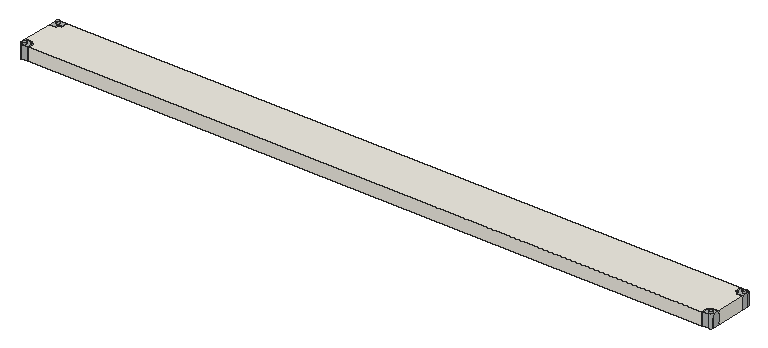
Revit family "HIGHTECH", category Осветительные приборы, Revit 2019 (continued)
Types (32, lengths in mm): name | Файл фотометрической сетки | built-in parameter 1150105 | Lumens | built-in parameter 1150106 | built-in parameter 1150142 | Wattage | Emit from Rectangle Width | Emit from Rectangle Length | Длина | Ширина | ADSK_Ток | ADSK_Полная мощность | ADSK_Обозначение | ADSK_Номинальная мощность | ADSK_Наименование | ADSK_Масса | ADSK_Код изделия
  Hightech-38/opal-sand 595х595 (IP40, 4000К, белый) | "Светильник HIGHTECH-38 OPAL-SAND-(595x595).IES" | 302.39 (stored number, unit not read) | 3800 lm | 3.0239 (stored number, unit not read) | "IESNA:LM-63-95\r\n[TEST] Протокол № 50-13\r\n[DATA] 17.06.2016\r\n[MORE] \r\n[MANUFAC] ЗАО \"Центрстройсвет\"\r\n[LUMCAT]  Светильник HIGHTECH-38/OPAL-SAND-(595x595)\r\n[LUMINAIRE]\r\n[LAMPCAT] Светодиоды\r\n[LAMP] Поток источника света (светодиодов) не известен\r\n[MORE] КСС приведена в абсолютных величинах кд\r\n[MORE] Вместо потока лампы, указан поток светильника.\r\nTILT=NONE\r\n1    3750 1.0 37 73 1 2 0.595 0.595 0.04\r\n1.0 1.0 38.7\r\n0.0 5.0 10.0 15.0 20.0 25.0 30.0 35.0 40.0 45.0 50.0 55.0 60.0 65.0 70.0 75.0 80.0 85.0 90.0 95.0 100.0 105.0 110.0 115.0 120.0 125.0 130.0 135.0 140.0 145.0 150.0 155.0 160.0 165.0 170.0 175.0 180.0\r\n0.0 5.0 10.0 15.0 20.0 25.0 30.0 35.0 40.0 45.0 50.0 55.0 60.0 65.0 70.0 75.0 80.0 85.0 90.0 95.0 100.0 105.0 110.0 115.0 120.0 125.0 130.0 135.0 140.0 145.0 150.0 155.0 160.0 165.0 170.0 175.0 180.0 185.0 190.0 195.0 200.0 205.0 210.0 215.0 220.0 225.0 230.0 235.0 240.0 245.0 250.0 255.0 260.0 265.0 270.0 275.0 280.0 285.0 290.0 295.0 300.0 305.0 310.0 315.0 320.0 325.0 330.0 335.0 340.0 345.0 350.0 355.0 360.0\r\n1391.4 1390.6 1365.7 1330.6 1277.5 1214.9 1147.5 1059.6 967.6 873.2 772.4 664.9 556.3 449.1 342.7 240.6 147.1 64.2 4.7 0.0 0.0 0.0 0.0 0.0 0.0 0.0 0.0 0.0 0.0 0.0 0.0 0.0 0.0 0.0 0.0 0.0 0.0\r\n1391.4 1390.5 1367.8 1332.7 1284.3 1221.3 1147.0 1062.1 969.2 872.4 773.2 666.3 557.1 450.1 343.8 241.9 146.9 64.7 5.2 0.0 0.0 0.0 0.0 0.0 0.0 0.0 0.0 0.0 0.0 0.0 0.0 0.0 0.0 0.0 0.0 0.0 0.0\r\n1391.4 1390.2 1372.0 1333.3 1277.3 1216.8 1144.5 1057.4 969.6 875.1 773.8 669.5 560.0 454.6 345.8 242.4 148.5 65.8 5.4 0.0 0.0 0.0 0.0 0.0 0.0 0.0 0.0 0.0 0.0 0.0 0.0 0.0 0.0 0.0 0.0 0.0 0.0\r\n1391.4 1389.8 1371.2 1330.7 1279.5 1220.5 1148.3 1059.9 967.7 873.2 767.5 666.8 561.4 453.0 347.1 243.7 149.9 65.6 5.8 0.0 0.0 0.0 0.0 0.0 0.0 0.0 0.0 0.0 0.0 0.0 0.0 0.0 0.0 0.0 0.0 0.0 0.0\r\n1391.4 1389.8 1368.3 1329.3 1285.0 1214.6 1141.1 1058.7 971.8 871.3 775.2 666.9 559.4 452.6 345.8 242.5 150.0 65.8 6.1 0.0 0.0 0.0 0.0 0.0 0.0 0.0 0.0 0.0 0.0 0.0 0.0 0.0 0.0 0.0 0.0 0.0 0.0\r\n1391.4 1390.5 1367.3 1332.3 1281.7 1219.0 1142.8 1064.6 970.5 874.4 772.1 667.5 560.2 453.0 346.2 241.8 149.4 65.7 5.6 0.0 0.0 0.0 0.0 0.0 0.0 0.0 0.0 0.0 0.0 0.0 0.0 0.0 0.0 0.0 0.0 0.0 0.0\r\n1391.4 1391.4 1368.1 1333.5 1277.3 1215.7 1139.0 1059.6 968.1 872.4 771.6 667.4 558.8 453.3 344.3 243.9 148.4 65.7 5.4 0.0 0.0 0.0 0.0 0.0 0.0 0.0 0.0 0.0 0.0 0.0 0.0 0.0 0.0 0.0 0.0 0.0 0.0\r\n1391.4 1391.7 1368.1 1330.4 1278.2 1213.9 1142.4 1061.6 967.4 875.1 772.0 669.3 561.1 452.5 345.2 242.1 148.3 65.4 5.5 0.0 0.0 0.0 0.0 0.0 0.0 0.0 0.0 0.0 0.0 0.0 0.0 0.0 0.0 0.0 0.0 0.0 0.0\r\n1391.4 1391.5 1371.0 1328.4 1278.5 1216.7 1142.1 1061.2 971.8 874.7 772.1 668.9 560.8 452.9 345.4 243.3 147.7 66.0 5.4 0.0 0.0 0.0 0.0 0.0 0.0 0.0 0.0 0.0 0.0 0.0 0.0 0.0 0.0 0.0 0.0 0.0 0.0\r\n1391.4 1391.5 1373.2 1330.5 1277.3 1215.5 1143.2 1063.6 967.0 872.7 772.2 669.4 558.9 453.2 346.6 241.9 148.1 65.2 5.5 0.0 0.0 0.0 0.0 0.0 0.0 0.0 0.0 0.0 0.0 0.0 0.0 0.0 0.0 0.0 0.0 0.0 0.0\r\n1391.4 1391.4 1369.7 1328.3 1281.3 1216.0 1139.8 1057.9 968.7 875.3 773.9 667.6 561.8 454.0 344.0 243.1 147.2 65.6 5.5 0.0 0.0 0.0 0.0 0.0 0.0 0.0 0.0 0.0 0.0 0.0 0.0 0.0 0.0 0.0 0.0 0.0 0.0\r\n1391.4 1390.5 1367.9 1330.1 1278.1 1218.1 1138.9 1061.0 970.0 871.8 770.4 669.3 560.2 453.4 346.9 242.1 148.3 65.2 5.2 0.0 0.0 0.0 0.0 0.0 0.0 0.0 0.0 0.0 0.0 0.0 0.0 0.0 0.0 0.0 0.0 0.0 0.0\r\n1391.4 1389.3 1368.2 1329.1 1280.8 1214.4 1142.5 1059.2 967.2 874.3 772.4 668.0 563.1 452.3 345.7 242.8 146.8 64.9 5.1 0.0 0.0 0.0 0.0 0.0 0.0 0.0 0.0 0.0 0.0 0.0 0.0 0.0 0.0 0.0 0.0 0.0 0.0\r\n1391.4 1388.6 1367.4 1327.8 1278.0 1215.7 1141.0 1061.0 971.5 877.3 771.2 667.3 561.5 453.0 346.4 242.4 146.3 64.8 5.2 0.0 0.0 0.0 0.0 0.0 0.0 0.0 0.0 0.0 0.0 0.0 0.0 0.0 0.0 0.0 0.0 0.0 0.0\r\n1391.4 1388.0 1367.6 1326.7 1278.3 1218.0 1140.9 1061.5 968.4 873.4 770.1 666.6 562.1 454.6 344.8 241.8 146.4 64.0 5.5 0.0 0.0 0.0 0.0 0.0 0.0 0.0 0.0 0.0 0.0 0.0 0.0 0.0 0.0 0.0 0.0 0.0 0.0\r\n1391.4 1387.2 1366.1 1331.0 1281.4 1216.3 1142.7 1059.1 969.4 871.5 772.2 667.3 560.5 453.0 344.4 242.2 146.4 63.8 5.6 0.0 0.0 0.0 0.0 0.0 0.0 0.0 0.0 0.0 0.0 0.0 0.0 0.0 0.0 0.0 0.0 0.0 0.0\r\n1391.4 1387.1 1366.3 1328.7 1276.9 1214.5 1141.2 1059.3 968.4 874.3 775.5 668.3 562.5 454.9 346.4 241.3 146.2 63.5 5.7 0.0 0.0 0.0 0.0 0.0 0.0 0.0 0.0 0.0 0.0 0.0 0.0 0.0 0.0 0.0 0.0 0.0 0.0\r\n1391.4 1388.4 1366.0 1329.7 1279.2 1217.9 1140.0 1060.5 969.0 873.9 772.0 671.3 560.4 453.2 343.7 241.7 145.8 63.7 5.4 0.0 0.0 0.0 0.0 0.0 0.0 0.0 0.0 0.0 0.0 0.0 0.0 0.0 0.0 0.0 0.0 0.0 0.0\r\n1391.4 1389.6 1367.7 1329.3 1277.2 1211.1 1140.1 1061.0 971.0 871.2 769.2 669.1 561.5 453.1 343.3 241.9 145.8 63.4 5.2 0.0 0.0 0.0 0.0 0.0 0.0 0.0 0.0 0.0 0.0 0.0 0.0 0.0 0.0 0.0 0.0 0.0 0.0\r\n1391.4 1388.8 1366.9 1327.1 1279.4 1214.2 1142.5 1056.4 970.7 870.3 771.0 665.1 560.4 453.3 343.8 241.1 145.7 63.4 5.2 0.0 0.0 0.0 0.0 0.0 0.0 0.0 0.0 0.0 0.0 0.0 0.0 0.0 0.0 0.0 0.0 0.0 0.0\r\n1391.4 1387.2 1365.8 1328.9 1276.6 1210.2 1141.4 1059.3 966.6 871.4 770.5 667.4 559.2 451.4 344.2 241.0 145.6 63.2 5.1 0.0 0.0 0.0 0.0 0.0 0.0 0.0 0.0 0.0 0.0 0.0 0.0 0.0 0.0 0.0 0.0 0.0 0.0\r\n1391.4 1386.8 1364.4 1329.8 1279.4 1213.7 1144.0 1059.0 965.3 873.7 768.8 668.9 559.4 449.5 342.6 241.5 144.6 63.4 5.0 0.0 0.0 0.0 0.0 0.0 0.0 0.0 0.0 0.0 0.0 0.0 0.0 0.0 0.0 0.0 0.0 0.0 0.0\r\n1391.4 1388.1 1365.8 1328.1 1273.8 1213.4 1137.9 1059.2 967.3 869.2 769.3 667.7 558.4 451.4 344.0 240.6 145.7 63.4 4.9 0.0 0.0 0.0 0.0 0.0 0.0 0.0 0.0 0.0 0.0 0.0 0.0 0.0 0.0 0.0 0.0 0.0 0.0\r\n1391.4 1389.2 1364.4 1323.2 1276.3 1213.8 1137.6 1055.3 963.1 871.0 767.7 664.1 559.7 447.1 342.4 240.1 145.2 63.9 5.1 0.0 0.0 0.0 0.0 0.0 0.0 0.0 0.0 0.0 0.0 0.0 0.0 0.0 0.0 0.0 0.0 0.0 0.0\r\n1391.4 1388.4 1362.3 1326.8 1274.4 1212.2 1137.9 1054.7 966.7 867.9 768.7 663.4 557.3 449.2 343.3 240.0 145.7 63.6 5.0 0.0 0.0 0.0 0.0 0.0 0.0 0.0 0.0 0.0 0.0 0.0 0.0 0.0 0.0 0.0 0.0 0.0 0.0\r\n1391.4 1386.2 1361.8 1326.5 1273.3 1211.2 1134.5 1048.6 964.3 866.3 767.8 662.9 556.7 449.5 341.9 239.8 145.7 63.7 5.0 0.0 0.0 0.0 0.0 0.0 0.0 0.0 0.0 0.0 0.0 0.0 0.0 0.0 0.0 0.0 0.0 0.0 0.0\r\n1391.4 1384.4 1363.5 1324.4 1272.0 1209.5 1137.2 1053.0 960.2 867.5 767.9 662.7 556.7 449.2 342.5 239.1 146.2 63.8 4.8 0.0 0.0 0.0 0.0 0.0 0.0 0.0 0.0 0.0 0.0 0.0 0.0 0.0 0.0 0.0 0.0 0.0 0.0\r\n1391.4 1383.7 1362.4 1324.4 1274.0 1209.5 1134.4 1050.1 965.4 864.9 764.6 662.3 556.6 447.9 340.5 240.3 145.5 64.6 4.6 0.0 0.0 0.0 0.0 0.0 0.0 0.0 0.0 0.0 0.0 0.0 0.0 0.0 0.0 0.0 0.0 0.0 0.0\r\n1391.4 1384.4 1361.9 1326.9 1270.2 1207.3 1132.7 1050.1 959.7 867.7 763.1 662.2 555.0 447.3 343.0 238.3 145.8 63.9 4.7 0.0 0.0 0.0 0.0 0.0 0.0 0.0 0.0 0.0 0.0 0.0 0.0 0.0 0.0 0.0 0.0 0.0 0.0\r\n1391.4 1385.1 1363.0 1320.0 1270.4 1207.9 1134.4 1055.0 963.5 867.3 766.7 660.7 555.9 450.1 342.6 240.2 145.9 64.3 4.9 0.0 0.0 0.0 0.0 0.0 0.0 0.0 0.0 0.0 0.0 0.0 0.0 0.0 0.0 0.0 0.0 0.0 0.0\r\n1391.4 1384.9 1362.3 1321.4 1273.1 1208.0 1135.4 1052.3 961.9 865.0 764.0 660.8 553.5 447.6 341.2 240.3 146.1 63.8 4.8 0.0 0.0 0.0 0.0 0.0 0.0 0.0 0.0 0.0 0.0 0.0 0.0 0.0 0.0 0.0 0.0 0.0 0.0\r\n1391.4 1383.8 1361.2 1322.1 1265.1 1211.5 1132.8 1049.3 961.3 863.4 764.0 661.0 550.7 447.9 341.0 240.1 146.2 63.8 4.6 0.0 0.0 0.0 0.0 0.0 0.0 0.0 0.0 0.0 0.0 0.0 0.0 0.0 0.0 0.0 0.0 0.0 0.0\r\n1391.4 1382.8 1359.3 1321.5 1269.3 1206.8 1132.8 1051.1 958.3 863.2 763.1 662.7 553.4 448.0 340.4 240.0 145.8 63.8 4.0 0.0 0.0 0.0 0.0 0.0 0.0 0.0 0.0 0.0 0.0 0.0 0.0 0.0 0.0 0.0 0.0 0.0 0.0\r\n1391.4 1382.6 1359.0 1319.6 1268.1 1204.3 1129.8 1049.0 957.7 861.8 761.7 658.4 554.2 446.1 340.4 239.0 145.6 63.8 3.8 0.0 0.0 0.0 0.0 0.0 0.0 0.0 0.0 0.0 0.0 0.0 0.0 0.0 0.0 0.0 0.0 0.0 0.0\r\n1391.4 1382.8 1358.5 1315.8 1266.5 1202.1 1128.5 1049.2 957.6 860.0 762.1 658.2 549.9 443.8 339.6 238.4 145.7 63.6 3.7 0.0 0.0 0.0 0.0 0.0 0.0 0.0 0.0 0.0 0.0 0.0 0.0 0.0 0.0 0.0 0.0 0.0 0.0\r\n1391.4 1382.2 1360.5 1319.2 1265.9 1204.5 1129.9 1046.9 955.0 862.9 758.9 657.9 552.5 444.9 338.9 238.8 145.3 63.6 3.3 0.0 0.0 0.0 0.0 0.0 0.0 0.0 0.0 0.0 0.0 0.0 0.0 0.0 0.0 0.0 0.0 0.0 0.0\r\n1391.4 1381.1 1361.2 1321.0 1268.1 1203.8 1128.8 1047.4 955.6 863.7 761.1 656.4 551.5 445.2 339.2 238.5 144.7 62.5 3.5 0.0 0.0 0.0 0.0 0.0 0.0 0.0 0.0 0.0 0.0 0.0 0.0 0.0 0.0 0.0 0.0 0.0 0.0\r\n1391.4 1380.6 1359.0 1316.4 1268.5 1204.0 1126.1 1049.5 956.2 859.6 759.7 656.5 549.2 444.3 338.4 236.1 143.8 61.6 3.2 0.0 0.0 0.0 0.0 0.0 0.0 0.0 0.0 0.0 0.0 0.0 0.0 0.0 0.0 0.0 0.0 0.0 0.0\r\n1391.4 1380.7 1356.6 1316.0 1267.0 1205.6 1130.3 1044.8 956.9 856.7 759.3 653.5 548.1 441.9 335.3 235.4 141.4 60.3 2.9 0.0 0.0 0.0 0.0 0.0 0.0 0.0 0.0 0.0 0.0 0.0 0.0 0.0 0.0 0.0 0.0 0.0 0.0\r\n1391.4 1380.4 1354.4 1317.9 1268.8 1199.0 1129.0 1044.0 956.9 860.6 758.3 656.9 549.1 442.0 334.4 236.1 141.7 60.5 2.6 0.0 0.0 0.0 0.0 0.0 0.0 0.0 0.0 0.0 0.0 0.0 0.0 0.0 0.0 0.0 0.0 0.0 0.0\r\n1391.4 1380.1 1356.7 1322.1 1264.6 1201.7 1129.9 1047.4 957.2 859.7 758.2 656.1 549.4 442.8 335.3 235.8 141.3 60.6 2.3 0.0 0.0 0.0 0.0 0.0 0.0 0.0 0.0 0.0 0.0 0.0 0.0 0.0 0.0 0.0 0.0 0.0 0.0\r\n1391.4 1379.9 1357.3 1317.5 1265.9 1207.8 1129.2 1046.5 955.7 860.2 758.6 656.9 550.7 441.9 335.4 233.9 140.6 60.2 2.4 0.0 0.0 0.0 0.0 0.0 0.0 0.0 0.0 0.0 0.0 0.0 0.0 0.0 0.0 0.0 0.0 0.0 0.0\r\n1391.4 1379.2 1355.5 1314.6 1269.3 1203.7 1133.5 1044.8 957.2 857.9 762.0 656.6 548.7 440.4 335.9 234.5 140.4 59.8 2.8 0.0 0.0 0.0 0.0 0.0 0.0 0.0 0.0 0.0 0.0 0.0 0.0 0.0 0.0 0.0 0.0 0.0 0.0\r\n1391.4 1377.9 1357.1 1319.2 1271.9 1204.4 1128.6 1050.2 953.1 856.9 757.6 653.7 548.9 439.9 335.4 232.4 140.5 59.2 3.0 0.0 0.0 0.0 0.0 0.0 0.0 0.0 0.0 0.0 0.0 0.0 0.0 0.0 0.0 0.0 0.0 0.0 0.0\r\n1391.4 1377.2 1356.3 1322.9 1266.0 1204.8 1132.2 1049.0 958.1 859.3 759.0 654.6 547.0 441.6 334.9 232.1 139.3 58.8 2.9 0.0 0.0 0.0 0.0 0.0 0.0 0.0 0.0 0.0 0.0 0.0 0.0 0.0 0.0 0.0 0.0 0.0 0.0\r\n1391.4 1377.8 1353.8 1319.7 1269.6 1207.9 1135.8 1049.5 955.8 858.0 762.4 655.9 548.2 441.6 335.6 231.7 139.4 58.8 2.8 0.0 0.0 0.0 0.0 0.0 0.0 0.0 0.0 0.0 0.0 0.0 0.0 0.0 0.0 0.0 0.0 0.0 0.0\r\n1391.4 1378.5 1355.2 1319.8 1267.3 1206.5 1131.2 1046.1 954.6 861.2 756.6 653.8 548.1 440.3 335.0 232.6 138.6 59.0 2.9 0.0 0.0 0.0 0.0 0.0 0.0 0.0 0.0 0.0 0.0 0.0 0.0 0.0 0.0 0.0 0.0 0.0 0.0\r\n1391.4 1378.6 1355.1 1318.3 1269.7 1200.8 1133.1 1049.0 957.6 862.5 762.4 656.9 549.3 443.5 334.7 231.2 138.8 58.1 3.0 0.0 0.0 0.0 0.0 0.0 0.0 0.0 0.0 0.0 0.0 0.0 0.0 0.0 0.0 0.0 0.0 0.0 0.0\r\n1391.4 1378.8 1355.8 1321.7 1268.8 1210.0 1129.0 1048.5 958.8 862.4 762.2 656.4 549.0 441.1 335.4 231.5 138.5 58.1 3.0 0.0 0.0 0.0 0.0 0.0 0.0 0.0 0.0 0.0 0.0 0.0 0.0 0.0 0.0 0.0 0.0 0.0 0.0\r\n1391.4 1379.6 1357.6 1321.7 1269.0 1207.1 1133.9 1047.0 964.1 863.3 761.9 656.4 551.5 440.7 334.9 232.2 137.6 58.1 2.8 0.0 0.0 0.0 0.0 0.0 0.0 0.0 0.0 0.0 0.0 0.0 0.0 0.0 0.0 0.0 0.0 0.0 0.0\r\n1391.4 1380.6 1357.7 1319.2 1272.0 1207.5 1131.3 1054.6 959.0 863.3 764.8 655.9 549.1 443.0 335.1 231.3 138.0 58.1 2.7 0.0 0.0 0.0 0.0 0.0 0.0 0.0 0.0 0.0 0.0 0.0 0.0 0.0 0.0 0.0 0.0 0.0 0.0\r\n1391.4 1381.5 1358.5 1321.9 1271.0 1204.1 1135.9 1055.8 962.5 865.5 761.1 656.9 550.6 442.0 335.3 231.9 137.4 57.9 2.6 0.0 0.0 0.0 0.0 0.0 0.0 0.0 0.0 0.0 0.0 0.0 0.0 0.0 0.0 0.0 0.0 0.0 0.0\r\n1391.4 1381.3 1358.5 1322.3 1270.8 1207.2 1133.7 1051.9 958.0 867.3 767.5 657.0 552.1 442.3 333.6 231.2 137.9 57.8 2.6 0.0 0.0 0.0 0.0 0.0 0.0 0.0 0.0 0.0 0.0 0.0 0.0 0.0 0.0 0.0 0.0 0.0 0.0\r\n1391.4 1380.6 1359.4 1319.7 1270.6 1209.0 1133.0 1052.1 963.9 867.5 764.1 660.0 554.0 443.3 334.8 231.7 137.6 57.8 2.7 0.0 0.0 0.0 0.0 0.0 0.0 0.0 0.0 0.0 0.0 0.0 0.0 0.0 0.0 0.0 0.0 0.0 0.0\r\n1391.4 1381.3 1359.9 1321.3 1270.6 1204.8 1135.0 1051.3 962.1 865.5 761.7 660.3 553.1 443.5 334.1 231.9 137.9 57.8 2.8 0.0 0.0 0.0 0.0 0.0 0.0 0.0 0.0 0.0 0.0 0.0 0.0 0.0 0.0 0.0 0.0 0.0 0.0\r\n1391.4 1383.1 1362.1 1324.8 1273.8 1208.7 1134.8 1055.9 961.8 866.4 762.3 659.7 552.4 443.7 334.4 232.8 138.0 58.0 2.8 0.0 0.0 0.0 0.0 0.0 0.0 0.0 0.0 0.0 0.0 0.0 0.0 0.0 0.0 0.0 0.0 0.0 0.0\r\n1391.4 1384.6 1360.4 1321.7 1272.0 1210.6 1130.9 1052.5 963.1 866.7 767.4 659.3 553.7 444.6 335.4 233.1 138.3 58.0 2.8 0.0 0.0 0.0 0.0 0.0 0.0 0.0 0.0 0.0 0.0 0.0 0.0 0.0 0.0 0.0 0.0 0.0 0.0\r\n1391.4 1385.6 1357.5 1324.7 1273.9 1211.6 1134.3 1052.7 963.6 865.4 763.1 658.7 552.2 444.9 336.9 232.8 138.8 58.6 2.9 0.0 0.0 0.0 0.0 0.0 0.0 0.0 0.0 0.0 0.0 0.0 0.0 0.0 0.0 0.0 0.0 0.0 0.0\r\n1391.4 1386.4 1357.8 1323.4 1273.2 1212.2 1136.3 1054.7 967.5 867.5 764.0 659.4 553.3 443.7 336.8 233.2 138.9 58.5 3.1 0.0 0.0 0.0 0.0 0.0 0.0 0.0 0.0 0.0 0.0 0.0 0.0 0.0 0.0 0.0 0.0 0.0 0.0\r\n1391.4 1386.6 1362.0 1324.9 1273.2 1211.3 1139.0 1049.9 960.3 866.4 768.0 661.3 552.2 443.4 336.3 233.4 139.8 58.9 3.1 0.0 0.0 0.0 0.0 0.0 0.0 0.0 0.0 0.0 0.0 0.0 0.0 0.0 0.0 0.0 0.0 0.0 0.0\r\n1391.4 1386.0 1360.5 1326.0 1271.8 1212.0 1137.2 1059.3 963.5 867.6 766.9 661.2 552.3 445.8 337.8 233.6 141.0 59.2 3.3 0.0 0.0 0.0 0.0 0.0 0.0 0.0 0.0 0.0 0.0 0.0 0.0 0.0 0.0 0.0 0.0 0.0 0.0\r\n1391.4 1385.0 1362.3 1325.1 1272.0 1207.1 1138.5 1053.6 964.5 865.8 766.5 661.6 554.3 445.9 337.0 234.5 140.4 60.2 3.5 0.0 0.0 0.0 0.0 0.0 0.0 0.0 0.0 0.0 0.0 0.0 0.0 0.0 0.0 0.0 0.0 0.0 0.0\r\n1391.4 1384.4 1361.8 1323.6 1274.0 1214.8 1138.9 1053.9 968.0 867.9 769.0 663.8 555.6 446.7 339.6 235.0 141.3 60.4 3.4 0.0 0.0 0.0 0.0 0.0 0.0 0.0 0.0 0.0 0.0 0.0 0.0 0.0 0.0 0.0 0.0 0.0 0.0\r\n1391.4 1385.0 1360.9 1322.2 1272.4 1209.8 1137.2 1055.7 962.7 869.7 769.6 658.2 556.6 447.4 338.5 236.2 142.5 60.7 3.4 0.0 0.0 0.0 0.0 0.0 0.0 0.0 0.0 0.0 0.0 0.0 0.0 0.0 0.0 0.0 0.0 0.0 0.0\r\n1391.4 1386.6 1363.1 1323.6 1272.5 1211.5 1139.2 1058.4 969.9 868.0 768.8 664.6 556.3 445.8 342.1 236.1 142.3 61.2 3.5 0.0 0.0 0.0 0.0 0.0 0.0 0.0 0.0 0.0 0.0 0.0 0.0 0.0 0.0 0.0 0.0 0.0 0.0\r\n1391.4 1388.6 1360.9 1330.2 1273.7 1213.2 1138.7 1058.3 966.2 867.0 766.8 663.4 553.3 447.1 339.2 238.7 143.0 61.4 3.8 0.0 0.0 0.0 0.0 0.0 0.0 0.0 0.0 0.0 0.0 0.0 0.0 0.0 0.0 0.0 0.0 0.0 0.0\r\n1391.4 1389.8 1360.8 1328.4 1276.8 1216.0 1140.1 1055.8 963.1 870.3 768.4 663.1 554.0 449.1 340.1 237.3 144.8 61.7 3.8 0.0 0.0 0.0 0.0 0.0 0.0 0.0 0.0 0.0 0.0 0.0 0.0 0.0 0.0 0.0 0.0 0.0 0.0\r\n1391.4 1389.3 1362.5 1325.9 1278.0 1210.4 1138.2 1054.7 967.8 872.7 770.2 661.9 556.5 446.9 341.3 237.7 144.4 62.5 3.9 0.0 0.0 0.0 0.0 0.0 0.0 0.0 0.0 0.0 0.0 0.0 0.0 0.0 0.0 0.0 0.0 0.0 0.0\r\n1391.4 1387.8 1365.8 1326.6 1274.3 1213.2 1141.4 1053.1 966.2 871.2 768.4 663.7 555.0 447.1 341.3 238.2 144.3 62.7 4.1 0.0 0.0 0.0 0.0 0.0 0.0 0.0 0.0 0.0 0.0 0.0 0.0 0.0 0.0 0.0 0.0 0.0 0.0\r\n1391.4 1387.2 1364.2 1328.3 1274.8 1209.4 1145.0 1060.0 963.9 867.5 766.5 663.4 556.7 448.2 340.9 240.3 144.7 63.3 4.0 0.0 0.0 0.0 0.0 0.0 0.0 0.0 0.0 0.0 0.0 0.0 0.0 0.0 0.0 0.0 0.0 0.0 0.0\r\n1391.4 1388.4 1364.9 1332.6 1279.0 1215.6 1140.9 1056.3 969.3 867.1 770.0 663.8 559.0 449.0 342.4 240.3 145.7 63.3 4.7 0.0 0.0 0.0 0.0 0.0 0.0 0.0 0.0 0.0 0.0 0.0 0.0 0.0 0.0 0.0 0.0 0.0 0.0\r\n1391.4 1390.0 1364.5 1329.3 1281.4 1217.7 1141.3 1063.3 970.3 871.1 768.8 663.5 555.2 449.3 342.4 239.8 146.6 63.3 4.9 0.0 0.0 0.0 0.0 0.0 0.0 0.0 0.0 0.0 0.0 0.0 0.0 0.0 0.0 0.0 0.0 0.0 0.0\r\n1391.4 1390.6 1365.7 1330.6 1277.5 1214.9 1147.5 1059.6 967.6 873.2 772.4 664.9 556.3 449.1 342.7 240.6 147.1 64.2 4.7 0.0 0.0 0.0 0.0 0.0 0.0 0.0 0.0 0.0 0.0 0.0 0.0 0.0 0.0 0.0 0.0 0.0 0.0\r\n" | 25.582 W | 555 | 555 | 595 | 595 | 0.179584 A | 41.3043 VA | "Hightech-38/opal-sand 595х595 (IP40, 4000К, белый)" | 38 W | "Универсальный светодиодный светильник Hightech-38/opal-sand 595х595 (IP40, 4000К, белый)" | 2.5 | "ЦБ000007368"
